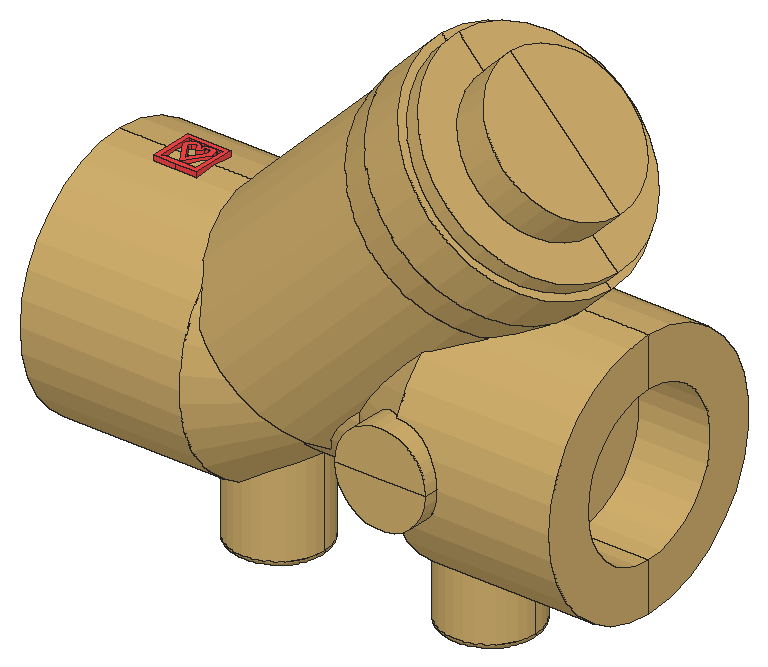
Revit family "Schmutzfänger 4111", category Rohrzubehör, Revit 2019
Family settings
  Bemaßung runder Anschluss = Durchmesser verwenden
  Teiletyp = Unterbricht
  OmniClass-Nummer = 23.65.55.14
  OmniClass-Titel = Valves for Liquid Services
  Arbeitsebenenbasiert = Nein
  Immer vertikal = Ja
  Beim Laden mit Abzugskörper schneiden = Nein
  Gemeinsam genutzt = Nein
Parameters
  max.Betriebstemp. = 110 °C  # constant formula
  W01 = 45.00°  # constant formula
  URL = "www.herz-armaturen.at"
  Siebkappe = "geschmiedetes Messing gem. EN 12420, CW617N"  # constant formula
  Sieb = "Streckmetall, Rautenmasche, Edelstahl 1.4301, Maschenweite 0,75mm"  # constant formula
  SW02 [instance] = size_lookup("4111_", "SW2", 11.000 mm, Nennweite)  # 8.500 mm
  SW01 [instance] = size_lookup("4111_", "SW1", 16.000 mm, Nennweite)  # 16.000 mm
  SCTWSEQ = "AW;SBT_TYP_AW=\"112\";2"
  SCTWCODE = "04;16;02"  # constant formula
  SCRNSEQ = "AWI;AWI_TYP=\"1011\";2"
  SCRNCODE = "05;15;02"  # constant formula
  S01 [instance] = R01 * 2  # 52.000 mm
  R100 = 1.000 mm  # constant formula
  R10 [instance] = size_lookup("4111_", "R10", 8.500 mm, Nennweite)  # 6.950 mm
  R09 [instance] = size_lookup("4111_", "R9", 30.000 mm, Nennweite)  # 15.000 mm
  R08 [instance] = R07 - 1.500 mm  # 23.500 mm
  R07 [instance] = size_lookup("4111_", "R7", 46.500 mm, Nennweite)  # 25.000 mm
  R06 [instance] = size_lookup("4111_", "R6", 43.000 mm, Nennweite)  # 24.000 mm
  R05 [instance] = Nennweite / 2  # 16.000 mm
  R04 [instance] = size_lookup("4111_", "R4", 11.500 mm, Nennweite)  # 9.500 mm
  R03 = 9.500 mm  # constant formula
  R02 [instance] = Nennweite / 2  # 16.000 mm
  R01 [instance] = (Nennweite / 2) + 10.000 mm  # 26.000 mm
  PN [instance] = size_lookup("4111_", "PN", 16, Nennweite)  # 25
  Nennweite [instance] = 32.000 mm
  Medium = "Heizungswasserqualität nach ÖNORM H 5195 oder VDI-Richtline 2035. Die Verwendung von Ethylen- oder\r\nPropylenglykol in einem Mischungsverhältnis 25 - 50% ist zulässig. Bitte beachten Sie die Hersteller- Dokumentation,\r\nwenn Glykol-Produkte für Frost- und Korrosionsschutz zum Einsatz kommen. EPDM-Dichtungen können durch\r\nMineralöle und Schmiermittel beschädigt werden und somit kann es zum Versagen der EPDM-Dichtungen führen.\r\nHERZ Kugelhähne sind nicht für den Einsatz von agressiven Medien (wie Säuren, Laugen, brennbaren und explosiven\r\nGase) geeignet, da die Dichtelemente beschädigt werden können."
  L16 [instance] = L03 - 4.500 mm  # 10.500 mm
  L15 [instance] = R01 - 1.000 mm  # 25.000 mm
  L14 [instance] = L06 - L08  # 7.300 mm
  L13 [instance] = size_lookup("4111_", "L13", 4.000 mm, Nennweite)  # 3.500 mm
  L12 = 0.800 mm  # constant formula
  L11 [instance] = size_lookup("4111_", "L11", 11.000 mm, Nennweite)  # 8.000 mm
  L10 = 3.500 mm  # constant formula
  L09 [instance] = size_lookup("4111_", "L9", 11.000 mm, Nennweite)  # 10.000 mm
  L08 [instance] = size_lookup("4111_", "L8", 35.000 mm, Nennweite)  # 52.700 mm
  L07 [instance] = size_lookup("4111_", "L7", 35.000 mm, Nennweite)  # 20.000 mm
  L06 [instance] = size_lookup("4111_", "L6", 118.000 mm, Nennweite) - L09  # 60.000 mm
  L05 [instance] = size_lookup("4111_", "L5", 44.000 mm, Nennweite)  # 27.500 mm
  L04 [instance] = size_lookup("4111_", "L4", 45.000 mm, Nennweite)  # 28.600 mm
  L03 = 15.000 mm  # constant formula
  L02 [instance] = size_lookup("4111_", "L2", 22.000 mm, Nennweite)  # 7.500 mm
  L01 [instance] = size_lookup("4111_", "L1", 48.000 mm, Nennweite)  # 33.000 mm
  L00 [instance] = size_lookup("4111_", "L", 180.000 mm, Nennweite)  # 110.000 mm
  Innengewinde = "gem. ISO 228-1"  # constant formula
  Hersteller = "Herz-Armaturen GmbH"  # constant formula
  H01 [instance] = size_lookup("4111_", "H1", 53.000 mm, Nennweite)  # 39.000 mm
  Gehäuse = "entzinkungsbeständiges Messing CC770S"  # constant formula
  Dichtungen = "EPDM"  # constant formula
  Bestellnummer [instance] = size_lookup("4111_", "Artnr", 0, Nennweite)  # 1411114
  Anwendungsgebiet = "Die Schmutzfänger werden in Rohrleitungen eingebaut, um schädliche Fremdkörper von den feinst bearbeiteten\r\nVentilsitzen fernzuhalten. Anwendungsgebiete sind haustechnische Anlagen, wie z.B. Heizungs- oder\r\nKaltwasseranlagen für die Klimatisierung von Gebäuden. Aromatische Chlorkohlenwasserstoffe, welche in Erdgas,\r\nErdölen und Schmiermitteln vorkommen, zerstören die EPDM- Dichtungen."
Reference planes
  plane 1 "Mitte (Vorne/hinten)": y = 0
  plane 2: z = 0
  plane 3 "Mitte (Links/rechts)": x = 0
Forms (mm)
  Revolve 1, solid, material "Messing", detail levels fine
    sketch origin (470, 0, 0) x (1, 0, 0) y (0, 0, 1)
      loop
        line (-525, 16) -> (-510, 16) -> (-510, 0) -> (-430, 0) -> (-430, 16) -> (-415, 16) -> (-415, 26) -> (-448, 26) -> (-462.5, 16) -> (-477.5, 16) -> (-492, 26) -> (-525, 26) -> (-525, 16)
      axis (-525, 0) -> (-415, 0)
    angle from 0 to 360
  Revolve 2, solid, material "Messing", detail levels fine
    sketch origin (470, 0, 0) x (1, 0, 0) y (0, 0, 1)
      loop
        line (-501.5, 0) -> (-501.5, -38)
        arc (-501.5, -38) -> (-501.207, -38.707) -> (-500.5, -39) r 1
        line (-500.5, -39) -> (-492, -39) -> (-492, 0) -> (-501.5, 0)
      axis (-492, 0) -> (-492, -39)
    angle from 0 to 360
  Revolve 3, solid, material "Messing", detail levels fine
    sketch origin (0, 0, 0) x (1, 0, 0) y (0, 1, 0)
      loop
        line (22, -28.6) -> (31.5, -28.6) -> (31.5, 27.5) -> (22, 27.5) -> (22, -28.6)
      axis (22, -28.6) -> (22, 27.5)
    angle from 0 to 360
  Revolve 4, solid, material "Messing", detail levels fine
    sketch origin (-470, 0, 0) x (-1, 0, 0) y (0, 0, 1)
      loop
        line (-501.5, 0) -> (-501.5, -38)
        arc (-501.5, -38) -> (-501.207, -38.707) -> (-500.5, -39) r 1
        line (-500.5, -39) -> (-492, -39) -> (-492, 0) -> (-501.5, 0)
      axis (-492, 0) -> (-492, -39)
    angle from 0 to 360
  Revolve 5, solid, material "Messing", detail levels fine
    sketch origin (0.32, 0, -0.105) x (1, 0, 0) y (0, 0, 1)
      loop
        line (-20.32, 0) -> (37.309, 57.629) -> (25.995, 68.943) -> (20.339, 63.286) -> (15.035, 68.589) -> (12.56, 66.114) -> (11.5, 67.175) -> (4.429, 60.104) -> (-0.026, 54.235) -> (-32.129, 22.132) -> (-31.634, 11.314) -> (-20.32, 0)
      axis (-20.32, 0) -> (37.309, 57.629)
    angle from 0 to 360
Lines and regions (mm)
  model lines, detail levels coarse+medium
    curve 1: line (-55, 0, 26) -> (55, 0, 26)
    curve 2: line (-55, 0, -26) -> (-55, 0, 26)
    curve 3: line (55, 0, -26) -> (-55, 0, -26)
    curve 4: line (55, 0, 26) -> (55, 0, -26)
    curve 6: line (-55, 26, 0) -> (55, 26, 0)
    curve 7: line (-55, -26, 0) -> (-55, 26, 0)
    curve 8: line (55, -26, 0) -> (-55, -26, 0)
    curve 9: line (55, 26, 0) -> (55, -26, 0)
    curve 10: line (55, -26, 0) -> (-55, 26, 0)
  symbolic lines, style "PipeAccessory"
    curve 5: line (55, 0, -26) -> (-55, 0, 26)
Dimensions and locks
  "H01": plane 2 to Revolve 2 sketch curve
  "L00": Revolve 1 sketch curve to Revolve 1 sketch curve
  equal spacing: Revolve 1 sketch curve, plane 3 "Mitte (Links/rechts)", Revolve 1 sketch curve
  "R01": Revolve 1 sketch curve to Revolve 1 sketch curve  (x2)
  "R02": Revolve 1 sketch curve to Revolve 1 sketch curve  (x3)
  "L01": Revolve 1 sketch curve to Revolve 1 sketch curve  (x2)
  "L02": plane 3 "Mitte (Links/rechts)" to Revolve 1 sketch curve
  "L02": Revolve 1 sketch curve to plane 3 "Mitte (Links/rechts)"
  "L03": Revolve 1 sketch curve to Revolve 1 sketch curve  (x2)
  "L01": Revolve 1 to Revolve 2 sketch curve
  "R03": Revolve 2 sketch curve to Revolve 2 sketch curve
  "L01": Revolve 4 sketch curve to Revolve 1
  "R03": Revolve 4 sketch curve to Revolve 4 sketch curve
  "H01": plane 2 to Revolve 4 sketch curve
  "L04": Revolve 3 sketch curve to plane 1 "Mitte (Vorne/hinten)"
  "L05": plane 1 "Mitte (Vorne/hinten)" to Revolve 3 sketch curve
  "R04": Revolve 3 sketch curve to Revolve 3 sketch curve
  "L01": Revolve 3 sketch curve to Revolve 1
  "SW01": Revolve 5 sketch curve to Revolve 5 sketch curve
  "R08": Revolve 5 sketch curve to Revolve 5 sketch curve
  "L10": Revolve 5 sketch curve to Revolve 5 sketch curve
  "L11": Revolve 5 sketch curve to Revolve 5 sketch curve
  "R07": Revolve 5 sketch curve to Revolve 5 sketch curve
  "L07": plane 3 "Mitte (Links/rechts)" to Revolve 5 sketch curve
  "R05": Revolve 5 sketch curve to Revolve 5 sketch curve
  "L06": Revolve 5 sketch curve to Revolve 5 sketch curve
  "L09": Revolve 5 sketch curve to Revolve 5 sketch curve
  "L08": Revolve 5 sketch curve to Revolve 5 sketch curve
  "R06": Revolve 5 sketch curve to Revolve 5 sketch curve
  "L14": Revolve 5 sketch curve to Revolve 5 sketch curve
  "L15": nested 1 to plane 2
  "L16": Revolve 1 to nested 1
  equal spacing: curve 7, plane 3 "Mitte (Links/rechts)", curve 9
  "L00": curve 7 to curve 9
  "S01": curve 6 to curve 8
  equal spacing: curve 4, plane 3 "Mitte (Links/rechts)", curve 2
  "L00": curve 4 to curve 2
  equal spacing: curve 1, plane 2, curve 3
  "S01": curve 1 to curve 3
  equal spacing: curve 8, plane 1 "Mitte (Vorne/hinten)", curve 6
  "R100": radius of Revolve 2 sketch curve
  "R100": radius of Revolve 4 sketch curve
  "W01": angle plane 2 to Revolve 5 sketch curve
  "W01": angle level to Revolve 5 sketch curve
  aligned and locked: level to plane 2
Automatic sketch dimensions
  Revolve 1 sketch curve to level = 0.000 mm  (x2)
  Revolve 1 sketch curve to Revolve 1 sketch curve = 791.990 mm
  Revolve 1 sketch curve to Revolve 1 sketch curve = 2278.983 mm
  Revolve 2 sketch curve to level = 0.000 mm  (x2)
  Revolve 2 sketch curve to Revolve 2 sketch curve = 0.000 mm
  Revolve 2 sketch curve to Revolve 2 sketch curve = 0.292 mm
  Revolve 3 sketch curve to Revolve 3 sketch curve = 0.000 mm  (x3)
  Revolve 4 sketch curve to level = 0.000 mm  (x2)
  Revolve 4 sketch curve to Revolve 4 sketch curve = 0.000 mm
  Revolve 4 sketch curve to Revolve 4 sketch curve = 0.292 mm
  Revolve 5 sketch curve to level = 0.105 mm
  Revolve 5 sketch curve to Revolve 5 sketch curve = 0.000 mm  (x2)
Nested families
  nested 1: "Herz-Logo" at (-39.982, 0, 25), type "Herz-Logo", detail levels fine
Connectors
  piping at (-40, 0, 0), diameter 32, driven by "Nennweite"
    settings: on Revolve 1, index 1, connector inside diameter 609.6 mm, connector length 0.000 mm, flow factor 0, pipe flow 0.0 L/s, pressure drop 0.0 Pa, fitting loss kfactor 0, connector angle 0.00°, fixture units 0, engagement length 0.000 mm, angle of deflection 0.00°, flow configuration 0, flow direction 1, fitting loss method 0, system type 29, joint type 0, gender type 0, connector reference index -1, connector utility 0, adjustable connector no, is connector primary yes, connector description ""
  piping at (40, 0, 0), diameter 32, driven by "Nennweite"
    settings: on Revolve 1, index 2, connector inside diameter 609.6 mm, connector length 0.000 mm, flow factor 0, pipe flow 0.0 L/s, pressure drop 0.0 Pa, fitting loss kfactor 0, connector angle 0.00°, fixture units 0, engagement length 0.000 mm, angle of deflection 0.00°, flow configuration 0, flow direction 2, fitting loss method 0, system type 29, joint type 0, gender type 0, connector reference index -1, connector utility 0, adjustable connector no, is connector primary no, connector description ""
Definition of nested family "Herz-Logo"
  Reference planes
    plane 1 "Mitte (Vorne/hinten)": y = 0
    plane 2: z = 0
    plane 3 "Mitte (Links/rechts)": x = 0
  Forms (mm)
    Extrusion 1, solid
      sketch origin (0, 0, 0) x (1, 0, 0) y (0, 1, 0)
        loop
          line (-0.018, -4.517) -> (4.482, -4.517) -> (4.482, 4.483) -> (-4.518, 4.483) -> (-4.518, -4.517) -> (-0.018, -4.517)
        loop
          line (-0.05, -3.48) -> (3.482, -3.48) -> (3.482, 3.483) -> (-3.518, 3.483) -> (-3.518, -3.48) -> (-0.05, -3.48)
        loop
          arc (-0.018, 2.383) -> (-1.543, 3.287) -> (-3.067, 2.383) r 1.738
          arc (-3.067, 2.383) -> (-3.191, 1.899) -> (-3.067, 1.415) r 1.009
          line (-3.067, 1.415) -> (-0.018, -3.281) -> (3.032, 1.415)
          arc (3.032, 1.415) -> (3.156, 1.899) -> (3.032, 2.383) r 1.009
          arc (3.032, 2.383) -> (1.507, 3.287) -> (-0.018, 2.383) r 1.738
        loop
          arc (1.885, 1.272) -> (2.005, 1.675) -> (1.885, 2.079) r 0.74
          arc (1.885, 2.079) -> (1.265, 2.416) -> (0.644, 2.079) r 0.74
          line (0.644, 2.079) -> (-0.018, 0.97) -> (-0.679, 2.079)
          arc (-0.679, 2.079) -> (-1.3, 2.416) -> (-1.921, 2.079) r 0.74
          arc (-1.921, 2.079) -> (-2.04, 1.675) -> (-1.921, 1.272) r 0.74
          line (-1.921, 1.272) -> (-0.018, -1.658) -> (1.885, 1.272)
      from 0 to 1.5
  Dimensions and locks
    aligned and locked: level to plane 2
